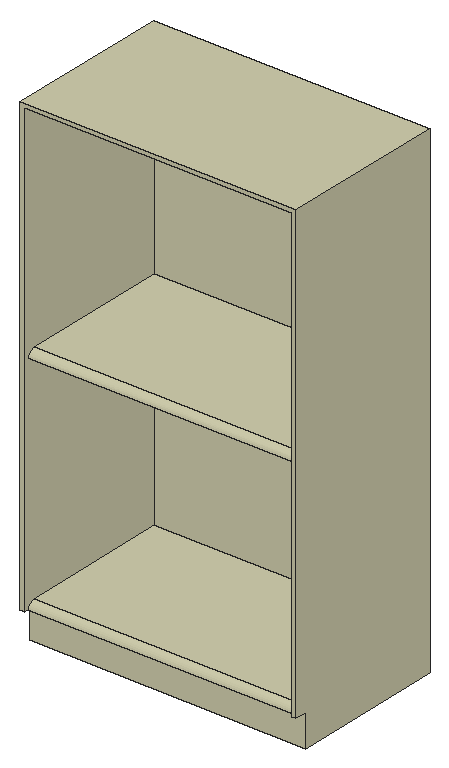
Revit family "Wenger Cabinet 15", category Furniture, Revit 2011
Parameters (values of type "Standard Cabinet #15")
  URL = "http://www.wengercorp.com/Home/Contact.html"
  Toekick Material [instance] = none
  RH End Panel [instance] = no
  Model = "15"
  Manufacturer = "Wenger Corporation"
  LH End Panel [instance] = no
  End Panel Material [instance] = none
  Edge Banding Material [instance] = none
  Door Material [instance] = none
  Description = "Standard Cabinet #15"
  Cabinet Width = 4' - 0 1/2"
  Cabinet Label = Labels : Standard
  Cabinet Height = 7' - 1 5/8"
  Cabinet Depth = 2' - 5 1/4"
  Cabinet Back Thickness = 0' - 0 3/4"
  Assembly Code = ""
Types (2): name | Model | Description | Cabinet Label | Cabinet Depth | Cabinet Back Thickness
  Standard Cabinet #15 | "15" | "Standard Cabinet #15" | Labels : Standard | 2' - 5 1/4" | 0' - 0 3/4"
  Acoustic Cabinet #15 | "15A" | "Acoustic Cabinet #15" | Labels : Acoustic | 2' - 7 3/4" | 0' - 3 1/4"
Reference planes (in)
  plane 1 "Front": y = 0
  plane 2: z = 0
  plane 3 "Left": x = 0
  plane 4 "Right": x = 48.5
  plane 5 "Back": y = 29.25
  plane 6 "Top": z = 85.625
  plane 7: z = 5.625
  plane 8: z = 45.25
  plane 9: x = 0.75
  plane 10: x = 47.75
  plane 11: z = 84.875
  plane 12: y = 28.5
  plane 13: y = 2
  plane 14: y = 0.75
  plane 15: z = 46.375
  plane 16: z = 6.75
Forms (in)
  Extrusion 1, solid, material "Wenger - Oyster"
    sketch origin (0, 0, 0) x (0, 1, 0) y (0, 0, 1)
      loop
        line (0, 85.625) -> (0, 5.625) -> (2, 5.625) -> (2, 0) -> (29.25, 0) -> (29.25, 85.625) -> (0, 85.625)
    from 0 to 48.5
  Extrusion 2, void
    sketch origin (0, 0, 0) x (0, 1, 0) y (0, 0, 1)
      loop
        line (-5.5, 84.875) -> (-5.5, 5.625) -> (0.75, 5.625)
        arc (0.75, 5.625) -> (1.18296, 6.40088) -> (2, 6.75) r 1.375
        line (2, 6.75) -> (28.5, 6.75) -> (28.5, 45.25) -> (0.75, 45.25)
        arc (0.75, 45.25) -> (1.18296, 46.02588) -> (2, 46.375) r 1.375
        line (2, 46.375) -> (28.5, 46.375) -> (28.5, 84.875) -> (-5.5, 84.875)
    from 0.75 to 47.75
Cuts and joins
  Extrusion 2 cuts Extrusion 1
Lines and regions (in)
  symbolic lines
    curve 1: line (0, 29.25, 0) -> (48.5, 29.25, 0)
    curve 2: line (0, 0, 0) -> (0, 29.25, 0)
    curve 3: line (48.5, 0, 0) -> (0, 0, 0)
    curve 4: line (48.5, 29.25, 0) -> (48.5, 0, 0)
Dimensions and locks (in)
  locked: plane 3 "Left" to plane 9 at 0.75
  locked: plane 10 to plane 4 "Right" at 0.75
  "Cabinet Back Thickness": plane 5 "Back" to plane 12
  locked: plane 1 "Front" to plane 14 at 0.75
  locked: plane 1 "Front" to plane 13 at 2
  locked: plane 15 to plane 8 at 1.125
  locked: plane 6 "Top" to plane 11 at 0.75
  equal spacing: plane 11, plane 8, plane 7
  locked: plane 16 to plane 7 at 1.125
  plane 10 to plane 3 "Left" = 3' - 11 3/4"
  "Cabinet Width": plane 3 "Left" to plane 4 "Right"
  locked: plane 7 to level at 5.625
  "Cabinet Height": plane 6 "Top" to level
  "Cabinet Depth": plane 1 "Front" to plane 5 "Back"
  plane 9 to plane 10 = 3' - 11"
  plane 11 to plane 7 = 6' - 7 1/4"
  aligned and locked: Extrusion 1 sketch curve to plane 6 "Top"
  aligned and locked: Extrusion 1 sketch curve to plane 5 "Back"
  aligned and locked: Extrusion 1 sketch curve to plane 1 "Front"
  aligned and locked: Extrusion 1 sketch curve to plane 7
  aligned and locked: Extrusion 1 sketch curve to plane 13
  aligned and locked: Extrusion 1 sketch curve to level
  aligned and locked: Extrusion 1 to plane 4 "Right"
  aligned and locked: Extrusion 1 to plane 3 "Left"
  aligned and locked: Extrusion 2 sketch curve to plane 11
  aligned and locked: Extrusion 2 sketch curve to plane 15
  aligned and locked: Extrusion 2 sketch curve to plane 8
  aligned and locked: Extrusion 2 sketch curve to plane 16
  aligned and locked: Extrusion 2 to plane 9
  aligned and locked: plane 3 "Left" to curve 2
  aligned and locked: curve 1 to plane 5 "Back"
  aligned and locked: plane 4 "Right" to curve 4
  aligned and locked: curve 3 to plane 1 "Front"
  aligned and locked: Extrusion 2 to plane 10
Automatic sketch dimensions
  Extrusion 2 sketch curve to plane 7 = 0' - 0"
  Extrusion 2 sketch curve to plane 14 = 0' - 0"  (x2)
  Extrusion 2 sketch curve to plane 13 = 0' - 0"  (x2)
  Extrusion 2 sketch curve to plane 12 = 0' - 0"  (x2)
  plane 1 "Front" to Extrusion 2 sketch curve = 0' - 5 1/2"
  Extrusion 2 sketch curve to plane 13 = 0' - 0.10279"  (x2)
Nested families (in)
  nested 1: "LH End Panel" at (0, 14.25, 0) x (0, -1, 0) z (0, 0, 1), End Panel Material <- "End Panel Material", visible <- "LH End Panel", Edge Banding Material <- "Edge Banding Material", type "20x84 LH"
    with End Panel Material none, Edge Banding Material none, End Panel Depth 2' - 5 1/4"
  nested 2: "RH End Panel" at (49.25, 14.25, 0) x (0, -1, 0) z (0, 0, 1), End Panel Material <- "End Panel Material", visible <- "RH End Panel", Edge Banding Material <- "Edge Banding Material", type "20x84 RH"
    with End Panel Material none, Edge Banding Material none, End Panel Depth 2' - 5 1/4"
  nested 3: "Labels" at (24.25, 13.82308, 0), type <- "Cabinet Label", type "Standard"
  nested 4: "Front Note" at (24.25, 0.75, 0), type "Front Note", detail levels medium+fine
Definition of nested family "LH End Panel"
  Parameters (values of type "20x84 LH")
    End Panel Material [instance] = none
    End Panel Height = 7' - 1 5/8"
    End Panel Depth = 1' - 7 1/4"
    Edge Banding Material [instance] = none
    Default Elevation = 4' - 0"
    Assembly Code = ""
  Reference planes (in)
    plane 1 "Center (Front/Back)": y = 0
    plane 2: z = 0
    plane 3 "Center (Left/Right)": x = 0
    plane 4: x = -15
    plane 5: x = 4.25
    plane 6: z = 5.625
    plane 7: x = 2.25
    plane 8: z = 85.625
    plane 9: y = -0.75
  Forms (in)
    Extrusion 1, solid, material <- "End Panel Material"
      sketch origin (0, 0, 0) x (1, 0, 0) y (0, 0, 1)
        loop
          line (-15, 85.625) -> (-15, 0) -> (2.25, 0) -> (2.25, 5.625) -> (4.25, 5.625) -> (4.25, 85.625) -> (-15, 85.625)
      from 0 to 0.75
  Dimensions and locks (in)
    locked: plane 7 to plane 5 at 2
    locked: plane 6 to level at 5.625
    "End Panel Height": plane 8 to level
    "End Panel Depth": plane 5 to plane 4
    locked: plane 9 to plane 1 "Center (Front/Back)" at 0.75
    aligned and locked: plane 4 to Extrusion 1 sketch curve
    aligned and locked: level to Extrusion 1 sketch curve
    aligned and locked: plane 7 to Extrusion 1 sketch curve
    aligned and locked: plane 6 to Extrusion 1 sketch curve
    aligned and locked: Extrusion 1 sketch curve to plane 5
    aligned and locked: Extrusion 1 sketch curve to plane 8
    aligned and locked: Extrusion 1 to plane 9
    aligned and locked: Extrusion 1 to plane 1 "Center (Front/Back)"
Definition of nested family "RH End Panel"
  Parameters (values of type "20x84 RH")
    End Panel Material [instance] = none
    End Panel Height = 7' - 1 5/8"
    End Panel Depth = 1' - 7 1/4"
    Edge Banding Material [instance] = none
    Default Elevation = 4' - 0"
    Assembly Code = ""
  Reference planes (in)
    plane 1 "Center (Front/Back)": y = 0
    plane 2: z = 0
    plane 3 "Center (Left/Right)": x = 0
    plane 4: x = -15
    plane 5: x = 4.25
    plane 6: z = 5.625
    plane 7: x = 2.25
    plane 8: z = 85.625
    plane 9: y = -0.75
  Forms (in)
    Extrusion 1, solid, material <- "End Panel Material"
      sketch origin (0, 0, 0) x (1, 0, 0) y (0, 0, 1)
        loop
          line (-15, 85.625) -> (-15, 0) -> (2.25, 0) -> (2.25, 5.625) -> (4.25, 5.625) -> (4.25, 85.625) -> (-15, 85.625)
      from 0 to 0.75
  Dimensions and locks (in)
    locked: plane 7 to plane 5 at 2
    locked: plane 6 to level at 5.625
    "End Panel Height": plane 8 to level
    "End Panel Depth": plane 5 to plane 4
    locked: plane 9 to plane 1 "Center (Front/Back)" at 0.75
    aligned and locked: plane 4 to Extrusion 1 sketch curve
    aligned and locked: level to Extrusion 1 sketch curve
    aligned and locked: plane 7 to Extrusion 1 sketch curve
    aligned and locked: plane 6 to Extrusion 1 sketch curve
    aligned and locked: Extrusion 1 sketch curve to plane 5
    aligned and locked: Extrusion 1 sketch curve to plane 8
    aligned and locked: Extrusion 1 to plane 9
    aligned and locked: Extrusion 1 to plane 1 "Center (Front/Back)"
Definition of nested family "Labels"
  Parameters (values of type "Standard")
    Cabinet Label = "01"
  Types (4): name | Cabinet Label
    Standard | "01"
    Narrow | "01N"
    Narrow Acoustic | "01NA"
    Acoustic | "01A"
  Reference planes (in)
    plane 1: y = 0
    plane 2: x = 0
  Text (in)
    label "xxxx" at (-0.00018, 0.00754, 0), shows "Cabinet Label"
Definition of nested family "Front Note"
  Parameters (values of type "Front Note")
    Cabinet Label = "Front"
  Reference planes (in)
    plane 1: y = 0
    plane 2: x = 0
  Text (in)
    label "Front" at (-0.00018, 0.00754, 0), shows "Cabinet Label"
